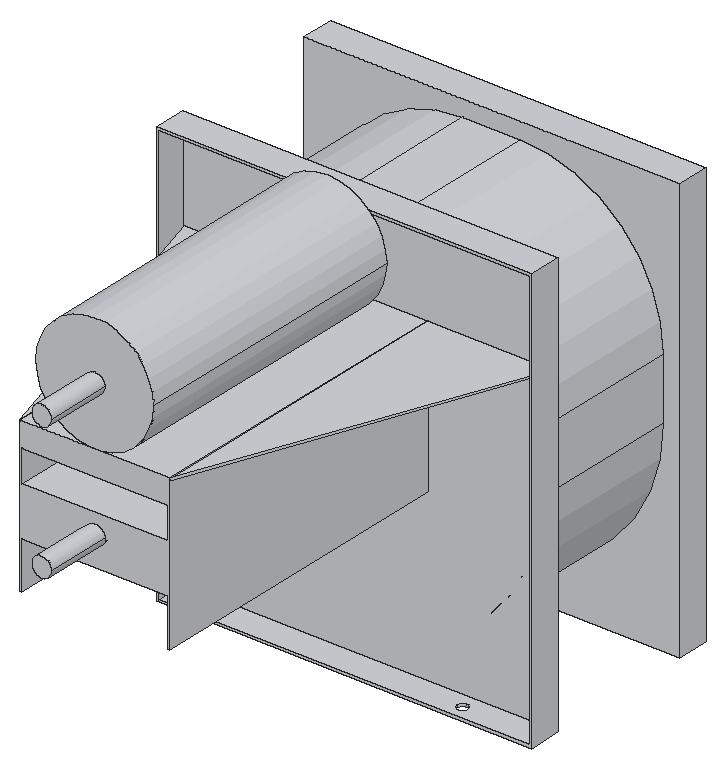
Revit family "CA-4_SWSI_ARR_2_CW_BHD", category Mechanical Equipment, Revit 2019
Family settings
  Round Connector Dimension = Use Radius
  Part Type = Normal
  Work Plane-Based = No
  Always vertical = Yes
  Cut with Voids When Loaded = No
  Shared = No
  Room Calculation Point = No
Parameters (values of type "120_CA-4_SWSI_ARR_2_CW_BHD_CLASS_3")
  S = 7 1/2"
  R = 11 7/16"
  P = 5 23/32"
  O/2 = O / 2  # 11/32"
  O = 11/16"
  N/2 = N / 2  # 19/32"
  N = 1 3/16"
  ModelID [instance] = ""
  MOTOR_RAD = N * 3  # 3 9/16"
  M = 18 7/8"
  L = 3"
  K = 15 7/8"
  J = 2"
  INLET_RAD/2 = INLET_RAD / 2  # 4 1/16"
  INLET_RAD+1.5" = INLET_RAD + 1 1/2"  # 9 5/8"
  INLET_RAD = INLET_DIA / 2  # 8 1/8"
  INLET_DIA = 16 1/4"
  H = 10 3/8"
  G-H = G - H  # 12 3/8"
  G/5 = G / 5  # 4.55"
  G = 22 3/4"
  F = 25 3/4"
  Unit Weight [instance] = ""
  Sones [instance] = ""
  Motor RPM [instance] = ""
  Motor Enclosure [instance] = ""
  LwA [instance] = ""
  Fan RPM [instance] = ""
  E = 10 3/4"
  E-(INLET_RAD+1.5") = F - E - (INLET_RAD + 1 1/2")  # 5 3/8"
  E+(INLET_RAD+1.5") = F - E + (INLET_RAD + 1 1/2")  # 24 5/8"
  F-E = F - E  # 15"
  D-((D-B)/2) = D - ((D - B) / 2)  # 11 3/16"
  D = 13 3/16"
  B = 9 3/16"
  Accessories [instance] = ""
  ARR_2_L-ARR_2_K = ARR_2_L - ARR_2_K  # 17 5/8"
  ARR_2_L = 21 5/8"
  ARR_2_K = 4"
  A = 13 1/8"
  3" = 3"  # constant formula
  Brake Hp [instance] = ""
  4" = 4"  # constant formula
  2N = N + N  # 2 3/8"
  2' = 24"
  2" = 2"  # constant formula
  1" = 1"  # constant formula
  0 = 0"  # constant formula
  Voltage [instance] = 0 V
  URL = "www.lorencook.com"
  Type Comments = "Airfoil Centrifugal Blower Arrangement 2 Clockwise Bottom Horizontal Discharge"  # constant formula
  Static Pressure [instance] = 0.00 in-wg
  Power [instance] = Voltage * Motor FLA * sqrt(if(Phase = 3, 3, 1))  # 0 VA
  Phase [instance] = 0
  Number of Poles [instance] = 1
  Motor Hp [instance] = "0"
  Motor FLA [instance] = 0 A
  Model = "CA-4 SWSI ARR 2 CW BHD CLASS 3"
  Manufacturer = "Loren Cook Company"
  CFM [instance] = 0 CFM
  1.5 = 1 1/2"  # constant formula
  ONE EIGTH = 1/8"  # constant formula
  -(ARR_2_L - ARR_2_K) = -(ARR_2_L - ARR_2_K)  # -17 5/8"
  -(((K-B)/2)-.125") = -(((K - B) / 2) - 1/8")  # -3 7/32"
  -(((D - B) / 2) - 1/8") = -(((D - B) / 2) - 1/8")  # -1 7/8"
  (R-B)/2 = (R - B) / 2  # 1 1/8"
  ((K-B)/2)+B = ((K - B) / 2) + B  # 12 17/32"
  (D-B)/2 = (D - B) / 2  # 2"
  -(((K-B)/2)+L) = -(((K - B) / 2) + L)  # -6 11/32"
  ((D-B)/2)-.125" = ((D - B) / 2) - 1/8"  # 1 7/8"
Types (55): name | S | R | P | O/2 | O | N/2 | N | MOTOR_RAD | M | L | K | J | INLET_RAD/2 | INLET_RAD+1.5" | INLET_RAD | INLET_DIA | H | G-H | G/5 | G | F | E | E-(INLET_RAD+1.5") | E+(INLET_RAD+1.5") | F-E | D-((D-B)/2) | D | B | ARR_2_L-ARR_2_K | ARR_2_L | ARR_2_K | A | 2N | Model | -(ARR_2_L - ARR_2_K) | -(((K-B)/2)-.125") | -(((D - B) / 2) - 1/8") | (R-B)/2 | ((K-B)/2)+B | (D-B)/2 | -(((K-B)/2)+L) | ((D-B)/2)-.125"
  (no name) | 7 1/2" | 11 7/16" | 5 23/32" | 11/32" | 11/16" | 19/32" | 1 3/16" | 3 9/16" | 18 7/8" | 3" | 15 7/8" | 2" | 4 1/16" | 9 5/8" | 8 1/8" | 16 1/4" | 10 3/8" | 12 3/8" | 4.55" | 22 3/4" | 25 3/4" | 10 3/4" | 5 3/8" | 24 5/8" | 15" | 11 3/16" | 13 3/16" | 9 3/16" | 17 5/8" | 21 5/8" | 4" | 13 1/8" | 2 3/8" | "CA-4 SWSI ARR 2 CW BHD CLASS 3" | -17 5/8" | -3 7/32" | -1 7/8" | 1 1/8" | 12 17/32" | 2" | -6 11/32" | 1 7/8"
  120_CA-4_SWSI_ARR_2_CW_BHD_CLASS_1 | 7 1/2" | 11 7/16" | 5 23/32" | 11/32" | 11/16" | 1/2" | 1" | 3" | 18 7/8" | 3" | 15 7/8" | 2" | 4 1/16" | 9 5/8" | 8 1/8" | 16 1/4" | 10 3/8" | 12 3/8" | 4.55" | 22 3/4" | 25 3/4" | 10 3/4" | 5 3/8" | 24 5/8" | 15" | 11 3/16" | 13 3/16" | 9 3/16" | 17 5/8" | 21 5/8" | 4" | 13 1/8" | 2" | "CA-4 SWSI ARR 2 CW BHD CLASS 1" | -17 5/8" | -3 7/32" | -1 7/8" | 1 1/8" | 12 17/32" | 2" | -6 11/32" | 1 7/8"
  120_CA-4_SWSI_ARR_2_CW_BHD_CLASS_2 | 7 1/2" | 11 7/16" | 5 23/32" | 11/32" | 11/16" | 1/2" | 1" | 3" | 18 7/8" | 3" | 15 7/8" | 2" | 4 1/16" | 9 5/8" | 8 1/8" | 16 1/4" | 10 3/8" | 12 3/8" | 4.55" | 22 3/4" | 25 3/4" | 10 3/4" | 5 3/8" | 24 5/8" | 15" | 11 3/16" | 13 3/16" | 9 3/16" | 17 5/8" | 21 5/8" | 4" | 13 1/8" | 2" | "CA-4 SWSI ARR 2 CW BHD CLASS 2" | -17 5/8" | -3 7/32" | -1 7/8" | 1 1/8" | 12 17/32" | 2" | -6 11/32" | 1 7/8"
  120_CA-4_SWSI_ARR_2_CW_BHD_CLASS_3 | 7 1/2" | 11 7/16" | 5 23/32" | 11/32" | 11/16" | 19/32" | 1 3/16" | 3 9/16" | 18 7/8" | 3" | 15 7/8" | 2" | 4 1/16" | 9 5/8" | 8 1/8" | 16 1/4" | 10 3/8" | 12 3/8" | 4.55" | 22 3/4" | 25 3/4" | 10 3/4" | 5 3/8" | 24 5/8" | 15" | 11 3/16" | 13 3/16" | 9 3/16" | 17 5/8" | 21 5/8" | 4" | 13 1/8" | 2 3/8" | "CA-4 SWSI ARR 2 CW BHD CLASS 3" | -17 5/8" | -3 7/32" | -1 7/8" | 1 1/8" | 12 17/32" | 2" | -6 11/32" | 1 7/8"
  135_CA-4_SWSI_ARR_2_CW_BHD_CLASS_1 | 8 1/2" | 12 9/16" | 6 9/32" | 11/32" | 11/16" | 1/2" | 1" | 3" | 20" | 3" | 17" | 2" | 4 7/16" | 10 3/8" | 8 7/8" | 17 3/4" | 11 5/8" | 13 7/8" | 5.1" | 25 1/2" | 28 3/4" | 12" | 6 3/8" | 27 1/8" | 16 3/4" | 12 5/16" | 14 5/16" | 10 5/16" | 17 5/8" | 21 5/8" | 4" | 14 3/4" | 2" | "CA-4 SWSI ARR 2 CW BHD CLASS 1" | -17 5/8" | -3 7/32" | -1 7/8" | 1 1/8" | 13 21/32" | 2" | -6 11/32" | 1 7/8"
  135_CA-4_SWSI_ARR_2_CW_BHD_CLASS_2 | 8 1/2" | 12 9/16" | 6 9/32" | 11/32" | 11/16" | 1/2" | 1" | 3" | 20" | 3" | 17" | 2" | 4 7/16" | 10 3/8" | 8 7/8" | 17 3/4" | 11 5/8" | 13 7/8" | 5.1" | 25 1/2" | 28 3/4" | 12" | 6 3/8" | 27 1/8" | 16 3/4" | 12 5/16" | 14 5/16" | 10 5/16" | 17 5/8" | 21 5/8" | 4" | 14 3/4" | 2" | "CA-4 SWSI ARR 2 CW BHD CLASS 2" | -17 5/8" | -3 7/32" | -1 7/8" | 1 1/8" | 13 21/32" | 2" | -6 11/32" | 1 7/8"
  135_CA-4_SWSI_ARR_2_CW_BHD_CLASS_3 | 8 1/2" | 12 9/16" | 6 9/32" | 11/32" | 11/16" | 19/32" | 1 3/16" | 3 9/16" | 20" | 3" | 17" | 2" | 4 7/16" | 10 3/8" | 8 7/8" | 17 3/4" | 11 5/8" | 13 7/8" | 5.1" | 25 1/2" | 28 3/4" | 12" | 6 3/8" | 27 1/8" | 16 3/4" | 12 5/16" | 14 5/16" | 10 5/16" | 17 5/8" | 21 5/8" | 4" | 14 3/4" | 2 3/8" | "CA-4 SWSI ARR 2 CW BHD CLASS 3" | -17 5/8" | -3 7/32" | -1 7/8" | 1 1/8" | 13 21/32" | 2" | -6 11/32" | 1 7/8"
  150_CA-4_SWSI_ARR_2_CW_BHD_CLASS_1 | 9" | 13 11/16" | 6 27/32" | 11/32" | 11/16" | 1/2" | 1" | 3" | 21 1/8" | 3" | 18 1/8" | 2" | 4 13/16" | 11 1/8" | 9 5/8" | 19 1/4" | 12 7/8" | 15 1/4" | 5 5/8" | 28 1/8" | 31 5/8" | 13 1/4" | 7 1/4" | 29 1/2" | 18 3/8" | 13 7/16" | 15 7/16" | 11 7/16" | 17 5/8" | 21 5/8" | 4" | 16 7/16" | 2" | "CA-4 SWSI ARR 2 CW BHD CLASS 1" | -17 5/8" | -3 7/32" | -1 7/8" | 1 1/8" | 14 25/32" | 2" | -6 11/32" | 1 7/8"
  150_CA-4_SWSI_ARR_2_CW_BHD_CLASS_2 | 9" | 13 11/16" | 6 27/32" | 11/32" | 11/16" | 19/32" | 1 3/16" | 3 9/16" | 21 1/8" | 3" | 18 1/8" | 2" | 4 13/16" | 11 1/8" | 9 5/8" | 19 1/4" | 12 7/8" | 15 1/4" | 5 5/8" | 28 1/8" | 31 5/8" | 13 1/4" | 7 1/4" | 29 1/2" | 18 3/8" | 13 7/16" | 15 7/16" | 11 7/16" | 17 5/8" | 21 5/8" | 4" | 16 7/16" | 2 3/8" | "CA-4 SWSI ARR 2 CW BHD CLASS 2" | -17 5/8" | -3 7/32" | -1 7/8" | 1 1/8" | 14 25/32" | 2" | -6 11/32" | 1 7/8"
  150_CA-4_SWSI_ARR_2_CW_BHD_CLASS_3 | 9" | 13 11/16" | 6 27/32" | 11/32" | 11/16" | 23/32" | 1 7/16" | 4 5/16" | 21 1/8" | 3" | 18 1/8" | 2" | 4 13/16" | 11 1/8" | 9 5/8" | 19 1/4" | 12 7/8" | 15 1/4" | 5 5/8" | 28 1/8" | 31 5/8" | 13 1/4" | 7 1/4" | 29 1/2" | 18 3/8" | 13 7/16" | 15 7/16" | 11 7/16" | 17 5/8" | 21 5/8" | 4" | 16 7/16" | 2 7/8" | "CA-4 SWSI ARR 2 CW BHD CLASS 3" | -17 5/8" | -3 7/32" | -1 7/8" | 1 1/8" | 14 25/32" | 2" | -6 11/32" | 1 7/8"
  165_CA-4_SWSI_ARR_2_CW_BHD_CLASS_1 | 10" | 14 7/8" | 7 7/16" | 11/32" | 11/16" | 1/2" | 1" | 3" | 23 15/16" | 4" | 19 5/16" | 2" | 5 5/16" | 12 1/8" | 10 5/8" | 21 1/4" | 14 1/4" | 16 5/8" | 6.175" | 30 7/8" | 34 3/8" | 14 3/8" | 7 7/8" | 32 1/8" | 20" | 14 5/8" | 16 5/8" | 12 5/8" | 17 5/8" | 21 5/8" | 4" | 18 1/16" | 2" | "CA-4 SWSI ARR 2 CW BHD CLASS 1" | -17 5/8" | -3 7/32" | -1 7/8" | 1 1/8" | 15 31/32" | 2" | -7 11/32" | 1 7/8"
  165_CA-4_SWSI_ARR_2_CW_BHD_CLASS_2 | 10" | 14 7/8" | 7 7/16" | 11/32" | 11/16" | 19/32" | 1 3/16" | 3 9/16" | 23 15/16" | 4" | 19 5/16" | 2" | 5 5/16" | 12 1/8" | 10 5/8" | 21 1/4" | 14 1/4" | 16 5/8" | 6.175" | 30 7/8" | 34 3/8" | 14 3/8" | 7 7/8" | 32 1/8" | 20" | 14 5/8" | 16 5/8" | 12 5/8" | 17 5/8" | 21 5/8" | 4" | 18 1/16" | 2 3/8" | "CA-4 SWSI ARR 2 CW BHD CLASS 2" | -17 5/8" | -3 7/32" | -1 7/8" | 1 1/8" | 15 31/32" | 2" | -7 11/32" | 1 7/8"
  165_CA-4_SWSI_ARR_2_CW_BHD_CLASS_3 | 10" | 14 7/8" | 7 7/16" | 11/32" | 11/16" | 23/32" | 1 7/16" | 4 5/16" | 23 15/16" | 4" | 19 5/16" | 2" | 5 5/16" | 12 1/8" | 10 5/8" | 21 1/4" | 14 1/4" | 16 5/8" | 6.175" | 30 7/8" | 34 3/8" | 14 3/8" | 7 7/8" | 32 1/8" | 20" | 14 5/8" | 16 5/8" | 12 5/8" | 17 5/8" | 21 5/8" | 4" | 18 1/16" | 2 7/8" | "CA-4 SWSI ARR 2 CW BHD CLASS 3" | -17 5/8" | -3 7/32" | -1 7/8" | 1 1/8" | 15 31/32" | 2" | -7 11/32" | 1 7/8"
  180_CA-4_SWSI_ARR_2_CW_BHD_CLASS_1 | 11" | 16" | 8" | 11/32" | 11/16" | 19/32" | 1 3/16" | 3 9/16" | 24 15/16" | 4 1/2" | 20 7/16" | 2" | 5 11/16" | 12 7/8" | 11 3/8" | 22 3/4" | 15 1/2" | 18 1/8" | 6.725" | 33 5/8" | 37 1/8" | 15 5/8" | 8 5/8" | 34 3/8" | 21 1/2" | 15 3/4" | 17 3/4" | 13 3/4" | 20 1/8" | 24 3/8" | 4 1/4" | 19 11/16" | 2 3/8" | "CA-4 SWSI ARR 2 CW BHD CLASS 1" | -20 1/8" | -3 7/32" | -1 7/8" | 1 1/8" | 17 3/32" | 2" | -7 27/32" | 1 7/8"
  180_CA-4_SWSI_ARR_2_CW_BHD_CLASS_2 | 11" | 16" | 8" | 11/32" | 11/16" | 23/32" | 1 7/16" | 4 5/16" | 24 15/16" | 4 1/2" | 20 7/16" | 2" | 5 11/16" | 12 7/8" | 11 3/8" | 22 3/4" | 15 1/2" | 18 1/8" | 6.725" | 33 5/8" | 37 1/8" | 15 5/8" | 8 5/8" | 34 3/8" | 21 1/2" | 15 3/4" | 17 3/4" | 13 3/4" | 20 1/8" | 24 3/8" | 4 1/4" | 19 11/16" | 2 7/8" | "CA-4 SWSI ARR 2 CW BHD CLASS 2" | -20 1/8" | -3 7/32" | -1 7/8" | 1 1/8" | 17 3/32" | 2" | -7 27/32" | 1 7/8"
  180_CA-4_SWSI_ARR_2_CW_BHD_CLASS_3 | 11" | 16" | 8" | 11/32" | 11/16" | 27/32" | 1 11/16" | 5 1/16" | 24 15/16" | 4 1/2" | 20 7/16" | 2" | 5 11/16" | 12 7/8" | 11 3/8" | 22 3/4" | 15 1/2" | 18 1/8" | 6.725" | 33 5/8" | 37 1/8" | 15 5/8" | 8 5/8" | 34 3/8" | 21 1/2" | 15 3/4" | 17 3/4" | 13 3/4" | 20 1/8" | 24 3/8" | 4 1/4" | 19 11/16" | 3 3/8" | "CA-4 SWSI ARR 2 CW BHD CLASS 3" | -20 1/8" | -3 7/32" | -1 7/8" | 1 1/8" | 17 3/32" | 2" | -7 27/32" | 1 7/8"
  195_CA-4_SWSI_ARR_2_CW_BHD_CLASS_1 | 11 1/2" | 17 3/16" | 8 19/32" | 11/32" | 11/16" | 23/32" | 1 7/16" | 4 5/16" | 27 3/16" | 4 1/2" | 22 11/16" | 2" | 6 1/16" | 13 5/8" | 12 1/8" | 24 1/4" | 16 3/4" | 19 1/2" | 7 1/4" | 36 1/4" | 40" | 16 3/4" | 9 5/8" | 36 7/8" | 23 1/4" | 16 15/16" | 18 15/16" | 14 15/16" | 20 1/8" | 24 3/8" | 4 1/4" | 21 5/16" | 2 7/8" | "CA-4 SWSI ARR 2 CW BHD CLASS 1" | -20 1/8" | -3 3/4" | -1 7/8" | 1 1/8" | 18 13/16" | 2" | -8 3/8" | 1 7/8"
  195_CA-4_SWSI_ARR_2_CW_BHD_CLASS_2 | 11 1/2" | 17 3/16" | 8 19/32" | 11/32" | 11/16" | 23/32" | 1 7/16" | 4 5/16" | 27 3/16" | 4 1/2" | 22 11/16" | 2" | 6 1/16" | 13 5/8" | 12 1/8" | 24 1/4" | 16 3/4" | 19 1/2" | 7 1/4" | 36 1/4" | 40" | 16 3/4" | 9 5/8" | 36 7/8" | 23 1/4" | 16 15/16" | 18 15/16" | 14 15/16" | 20 1/8" | 24 3/8" | 4 1/4" | 21 5/16" | 2 7/8" | "CA-4 SWSI ARR 2 CW BHD CLASS 2" | -20 1/8" | -3 3/4" | -1 7/8" | 1 1/8" | 18 13/16" | 2" | -8 3/8" | 1 7/8"
  195_CA-4_SWSI_ARR_2_CW_BHD_CLASS_3 | 11 1/2" | 17 3/16" | 8 19/32" | 11/32" | 11/16" | 27/32" | 1 11/16" | 5 1/16" | 27 3/16" | 4 1/2" | 22 11/16" | 2" | 6 1/16" | 13 5/8" | 12 1/8" | 24 1/4" | 16 3/4" | 19 1/2" | 7 1/4" | 36 1/4" | 40" | 16 3/4" | 9 5/8" | 36 7/8" | 23 1/4" | 16 15/16" | 18 15/16" | 14 15/16" | 20 1/8" | 24 3/8" | 4 1/4" | 21 5/16" | 3 3/8" | "CA-4 SWSI ARR 2 CW BHD CLASS 3" | -20 1/8" | -3 3/4" | -1 7/8" | 1 1/8" | 18 13/16" | 2" | -8 3/8" | 1 7/8"
  210_CA-4_SWSI_ARR_2_CW_BHD_CLASS_1 | 12" | 18 5/16" | 9 5/32" | 13/32" | 13/16" | 23/32" | 1 7/16" | 4 5/16" | 28 13/16" | 5" | 23 13/16" | 2" | 6 1/2" | 14 1/2" | 13" | 26" | 18 1/8" | 21" | 7.825" | 39 1/8" | 42 7/8" | 18" | 10 3/8" | 39 3/8" | 24 7/8" | 18 1/16" | 20 1/16" | 16 1/16" | 23 1/8" | 27 3/8" | 4 1/4" | 23" | 2 7/8" | "CA-4 SWSI ARR 2 CW BHD CLASS 1" | -23 1/8" | -3 3/4" | -1 7/8" | 1 1/8" | 19 15/16" | 2" | -8 7/8" | 1 7/8"
  210_CA-4_SWSI_ARR_2_CW_BHD_CLASS_2 | 12" | 18 5/16" | 9 5/32" | 13/32" | 13/16" | 23/32" | 1 7/16" | 4 5/16" | 28 13/16" | 5" | 23 13/16" | 2" | 6 1/2" | 14 1/2" | 13" | 26" | 18 1/8" | 21" | 7.825" | 39 1/8" | 42 7/8" | 18" | 10 3/8" | 39 3/8" | 24 7/8" | 18 1/16" | 20 1/16" | 16 1/16" | 23 1/8" | 27 3/8" | 4 1/4" | 23" | 2 7/8" | "CA-4 SWSI ARR 2 CW BHD CLASS 2" | -23 1/8" | -3 3/4" | -1 7/8" | 1 1/8" | 19 15/16" | 2" | -8 7/8" | 1 7/8"
  210_CA-4_SWSI_ARR_2_CW_BHD_CLASS_3 | 12" | 18 5/16" | 9 5/32" | 13/32" | 13/16" | 27/32" | 1 11/16" | 5 1/16" | 28 13/16" | 5" | 23 13/16" | 2" | 6 1/2" | 14 1/2" | 13" | 26" | 18 1/8" | 21" | 7.825" | 39 1/8" | 42 7/8" | 18" | 10 3/8" | 39 3/8" | 24 7/8" | 18 1/16" | 20 1/16" | 16 1/16" | 23 1/8" | 27 3/8" | 4 1/4" | 23" | 3 3/8" | "CA-4 SWSI ARR 2 CW BHD CLASS 3" | -23 1/8" | -3 3/4" | -1 7/8" | 1 1/8" | 19 15/16" | 2" | -8 7/8" | 1 7/8"
  225_CA-4_SWSI_ARR_2_CW_BHD_CLASS_1 | 12 1/2" | 19 7/16" | 9 23/32" | 13/32" | 13/16" | 23/32" | 1 7/16" | 4 5/16" | 29 15/16" | 5" | 24 15/16" | 2" | 6 7/8" | 15 1/4" | 13 3/4" | 27 1/2" | 19 3/8" | 22 3/8" | 8.35" | 41 3/4" | 45 3/4" | 19 1/4" | 11 1/4" | 41 3/4" | 26 1/2" | 19 3/16" | 21 3/16" | 17 3/16" | 23 1/8" | 27 3/8" | 4 1/4" | 24 5/8" | 2 7/8" | "CA-4 SWSI ARR 2 CW BHD CLASS 1" | -23 1/8" | -3 3/4" | -1 7/8" | 1 1/8" | 21 1/16" | 2" | -8 7/8" | 1 7/8"
  225_CA-4_SWSI_ARR_2_CW_BHD_CLASS_2 | 12 1/2" | 19 7/16" | 9 23/32" | 13/32" | 13/16" | 23/32" | 1 7/16" | 4 5/16" | 29 15/16" | 5" | 24 15/16" | 2" | 6 7/8" | 15 1/4" | 13 3/4" | 27 1/2" | 19 3/8" | 22 3/8" | 8.35" | 41 3/4" | 45 3/4" | 19 1/4" | 11 1/4" | 41 3/4" | 26 1/2" | 19 3/16" | 21 3/16" | 17 3/16" | 23 1/8" | 27 3/8" | 4 1/4" | 24 5/8" | 2 7/8" | "CA-4 SWSI ARR 2 CW BHD CLASS 2" | -23 1/8" | -3 3/4" | -1 7/8" | 1 1/8" | 21 1/16" | 2" | -8 7/8" | 1 7/8"
  225_CA-4_SWSI_ARR_2_CW_BHD_CLASS_3 | 12 1/2" | 19 7/16" | 9 23/32" | 13/32" | 13/16" | 27/32" | 1 11/16" | 5 1/16" | 29 15/16" | 5" | 24 15/16" | 2" | 6 7/8" | 15 1/4" | 13 3/4" | 27 1/2" | 19 3/8" | 22 3/8" | 8.35" | 41 3/4" | 45 3/4" | 19 1/4" | 11 1/4" | 41 3/4" | 26 1/2" | 19 3/16" | 21 3/16" | 17 3/16" | 23 1/8" | 27 3/8" | 4 1/4" | 24 5/8" | 3 3/8" | "CA-4 SWSI ARR 2 CW BHD CLASS 3" | -23 1/8" | -3 3/4" | -1 7/8" | 1 1/8" | 21 1/16" | 2" | -8 7/8" | 1 7/8"
  245_CA-4_SWSI_ARR_2_CW_BHD_CLASS_1 | 13 1/2" | 21" | 10 1/2" | 13/32" | 13/16" | 23/32" | 1 7/16" | 4 5/16" | 32" | 5 1/2" | 26 1/2" | 2" | 7 3/8" | 16 1/4" | 14 3/4" | 29 1/2" | 21 1/8" | 24 1/4" | 9.075" | 45 3/8" | 49 1/2" | 20 7/8" | 12 3/8" | 44 7/8" | 28 5/8" | 20 3/4" | 22 3/4" | 18 3/4" | 22 9/16" | 27 13/16" | 5 1/4" | 26 13/16" | 2 7/8" | "CA-4 SWSI ARR 2 CW BHD CLASS 1" | -22 9/16" | -3 3/4" | -1 7/8" | 1 1/8" | 22 5/8" | 2" | -9 3/8" | 1 7/8"
  245_CA-4_SWSI_ARR_2_CW_BHD_CLASS_2 | 13 1/2" | 21" | 10 1/2" | 13/32" | 13/16" | 27/32" | 1 11/16" | 5 1/16" | 32" | 5 1/2" | 26 1/2" | 2" | 7 3/8" | 16 1/4" | 14 3/4" | 29 1/2" | 21 1/8" | 24 1/4" | 9.075" | 45 3/8" | 49 1/2" | 20 7/8" | 12 3/8" | 44 7/8" | 28 5/8" | 20 3/4" | 22 3/4" | 18 3/4" | 22 9/16" | 27 13/16" | 5 1/4" | 26 13/16" | 3 3/8" | "CA-4 SWSI ARR 2 CW BHD CLASS 2" | -22 9/16" | -3 3/4" | -1 7/8" | 1 1/8" | 22 5/8" | 2" | -9 3/8" | 1 7/8"
  245_CA-4_SWSI_ARR_2_CW_BHD_CLASS_3 | 13 1/2" | 21" | 10 1/2" | 13/32" | 13/16" | 31/32" | 1 15/16" | 5 13/16" | 32" | 5 1/2" | 26 1/2" | 2" | 7 3/8" | 16 1/4" | 14 3/4" | 29 1/2" | 21 1/8" | 24 1/4" | 9.075" | 45 3/8" | 49 1/2" | 20 7/8" | 12 3/8" | 44 7/8" | 28 5/8" | 20 3/4" | 22 3/4" | 18 3/4" | 22 9/16" | 27 13/16" | 5 1/4" | 26 13/16" | 3 7/8" | "CA-4 SWSI ARR 2 CW BHD CLASS 3" | -22 9/16" | -3 3/4" | -1 7/8" | 1 1/8" | 22 5/8" | 2" | -9 3/8" | 1 7/8"
  270_CA-4_SWSI_ARR_2_CW_BHD_CLASS_1 | 15" | 22 7/8" | 11 7/16" | 13/32" | 13/16" | 23/32" | 1 7/16" | 4 5/16" | 34 3/8" | 6" | 28 3/8" | 2" | 8" | 17 1/2" | 16" | 32" | 23 1/4" | 26 5/8" | 9.975" | 49 7/8" | 54 3/4" | 23 3/8" | 13 7/8" | 48 7/8" | 31 3/8" | 22 5/8" | 24 5/8" | 20 5/8" | 22 9/16" | 27 13/16" | 5 1/4" | 29 9/16" | 2 7/8" | "CA-4 SWSI ARR 2 CW BHD CLASS 1" | -22 9/16" | -3 3/4" | -1 7/8" | 1 1/8" | 24 1/2" | 2" | -9 7/8" | 1 7/8"
  270_CA-4_SWSI_ARR_2_CW_BHD_CLASS_2 | 15" | 22 7/8" | 11 7/16" | 13/32" | 13/16" | 27/32" | 1 11/16" | 5 1/16" | 34 3/8" | 6" | 28 3/8" | 2" | 8" | 17 1/2" | 16" | 32" | 23 1/4" | 26 5/8" | 9.975" | 49 7/8" | 54 3/4" | 23 3/8" | 13 7/8" | 48 7/8" | 31 3/8" | 22 5/8" | 24 5/8" | 20 5/8" | 22 9/16" | 27 13/16" | 5 1/4" | 29 9/16" | 3 3/8" | "CA-4 SWSI ARR 2 CW BHD CLASS 2" | -22 9/16" | -3 3/4" | -1 7/8" | 1 1/8" | 24 1/2" | 2" | -9 7/8" | 1 7/8"
  270_CA-4_SWSI_ARR_2_CW_BHD_CLASS_3 | 15" | 22 7/8" | 11 7/16" | 13/32" | 13/16" | 31/32" | 1 15/16" | 5 13/16" | 34 3/8" | 6" | 28 3/8" | 2" | 8" | 17 1/2" | 16" | 32" | 23 1/4" | 26 5/8" | 9.975" | 49 7/8" | 54 3/4" | 23 3/8" | 13 7/8" | 48 7/8" | 31 3/8" | 22 5/8" | 24 5/8" | 20 5/8" | 22 9/16" | 27 13/16" | 5 1/4" | 29 9/16" | 3 7/8" | "CA-4 SWSI ARR 2 CW BHD CLASS 3" | -22 9/16" | -3 3/4" | -1 7/8" | 1 1/8" | 24 1/2" | 2" | -9 7/8" | 1 7/8"
  300_CA-4_SWSI_ARR_2_CW_BHD_CLASS_1 | 16 1/2" | 25 3/16" | 12 19/32" | 13/32" | 13/16" | 27/32" | 1 11/16" | 5 1/16" | 37 3/16" | 6 1/2" | 30 11/16" | 2" | 8 3/4" | 19" | 17 1/2" | 35" | 25 7/8" | 29 1/2" | 11.075" | 55 3/8" | 60" | 25 3/8" | 15 5/8" | 53 5/8" | 34 5/8" | 24 15/16" | 26 15/16" | 22 15/16" | 24 7/8" | 30 3/4" | 5 7/8" | 32 13/16" | 3 3/8" | "CA-4 SWSI ARR 2 CW BHD CLASS 1" | -24 7/8" | -3 3/4" | -1 7/8" | 1 1/8" | 26 13/16" | 2" | -10 3/8" | 1 7/8"
  300_CA-4_SWSI_ARR_2_CW_BHD_CLASS_2 | 16 1/2" | 25 3/16" | 12 19/32" | 13/32" | 13/16" | 31/32" | 1 15/16" | 5 13/16" | 37 3/16" | 6 1/2" | 30 11/16" | 2" | 8 3/4" | 19" | 17 1/2" | 35" | 25 7/8" | 29 1/2" | 11.075" | 55 3/8" | 60" | 25 3/8" | 15 5/8" | 53 5/8" | 34 5/8" | 24 15/16" | 26 15/16" | 22 15/16" | 24 7/8" | 30 3/4" | 5 7/8" | 32 13/16" | 3 7/8" | "CA-4 SWSI ARR 2 CW BHD CLASS 2" | -24 7/8" | -3 3/4" | -1 7/8" | 1 1/8" | 26 13/16" | 2" | -10 3/8" | 1 7/8"
  300_CA-4_SWSI_ARR_2_CW_BHD_CLASS_3 | 16 1/2" | 25 3/16" | 12 19/32" | 13/32" | 13/16" | 1 3/32" | 2 3/16" | 6 9/16" | 37 3/16" | 6 1/2" | 30 11/16" | 2" | 8 3/4" | 19" | 17 1/2" | 35" | 25 7/8" | 29 1/2" | 11.075" | 55 3/8" | 60" | 25 3/8" | 15 5/8" | 53 5/8" | 34 5/8" | 24 15/16" | 26 15/16" | 22 15/16" | 24 7/8" | 30 3/4" | 5 7/8" | 32 13/16" | 4 3/8" | "CA-4 SWSI ARR 2 CW BHD CLASS 3" | -24 7/8" | -3 3/4" | -1 7/8" | 1 1/8" | 26 13/16" | 2" | -10 3/8" | 1 7/8"
  330_CA-4_SWSI_ARR_2_CW_BHD_CLASS_1 | 18" | 27 1/2" | 13 3/4" | 13/32" | 13/16" | 27/32" | 1 11/16" | 5 1/16" | 40" | 7" | 33" | 2" | 9 1/2" | 20 1/2" | 19" | 38" | 28 3/8" | 32 3/8" | 12.15" | 60 3/4" | 65 3/4" | 27 7/8" | 17 3/8" | 58 3/8" | 37 7/8" | 27 1/4" | 29 1/4" | 25 1/4" | 24 7/8" | 30 3/4" | 5 7/8" | 36 1/8" | 3 3/8" | "CA-4 SWSI ARR 2 CW BHD CLASS 1" | -24 7/8" | -3 3/4" | -1 7/8" | 1 1/8" | 29 1/8" | 2" | -10 7/8" | 1 7/8"
  330_CA-4_SWSI_ARR_2_CW_BHD_CLASS_2 | 18" | 27 1/2" | 13 3/4" | 13/32" | 13/16" | 1 3/32" | 2 3/16" | 6 9/16" | 40" | 7" | 33" | 2" | 9 1/2" | 20 1/2" | 19" | 38" | 28 3/8" | 32 3/8" | 12.15" | 60 3/4" | 65 3/4" | 27 7/8" | 17 3/8" | 58 3/8" | 37 7/8" | 27 1/4" | 29 1/4" | 25 1/4" | 24 7/8" | 30 3/4" | 5 7/8" | 36 1/8" | 4 3/8" | "CA-4 SWSI ARR 2 CW BHD CLASS 2" | -24 7/8" | -3 3/4" | -1 7/8" | 1 1/8" | 29 1/8" | 2" | -10 7/8" | 1 7/8"
  330_CA-4_SWSI_ARR_2_CW_BHD_CLASS_3 | 18" | 27 1/2" | 13 3/4" | 13/32" | 13/16" | 1 3/32" | 2 3/16" | 6 9/16" | 40" | 7" | 33" | 2" | 9 1/2" | 20 1/2" | 19" | 38" | 28 3/8" | 32 3/8" | 12.15" | 60 3/4" | 65 3/4" | 27 7/8" | 17 3/8" | 58 3/8" | 37 7/8" | 27 1/4" | 29 1/4" | 25 1/4" | 24 7/8" | 30 3/4" | 5 7/8" | 36 1/8" | 4 3/8" | "CA-4 SWSI ARR 2 CW BHD CLASS 3" | -24 7/8" | -3 3/4" | -1 7/8" | 1 1/8" | 29 1/8" | 2" | -10 7/8" | 1 7/8"
  365_CA-4_SWSI_ARR_2_CW_BHD_CLASS_1 | 20" | 30 1/8" | 15 1/16" | 13/32" | 13/16" | 31/32" | 1 15/16" | 5 13/16" | 43 1/8" | 7 1/2" | 35 5/8" | 2" | 10 3/8" | 22 1/4" | 20 3/4" | 41 1/2" | 31 3/8" | 35 5/8" | 13.4" | 67" | 72 3/8" | 30 5/8" | 19 1/2" | 64" | 41 3/4" | 29 7/8" | 31 7/8" | 27 7/8" | 27 1/8" | 33" | 5 7/8" | 39 15/16" | 3 7/8" | "CA-4 SWSI ARR 2 CW BHD CLASS 1" | -27 1/8" | -3 3/4" | -1 7/8" | 1 1/8" | 31 3/4" | 2" | -11 3/8" | 1 7/8"
  365_CA-4_SWSI_ARR_2_CW_BHD_CLASS_2 | 20" | 30 1/8" | 15 1/16" | 13/32" | 13/16" | 1 7/32" | 2 7/16" | 7 5/16" | 43 1/8" | 7 1/2" | 35 5/8" | 2" | 10 3/8" | 22 1/4" | 20 3/4" | 41 1/2" | 31 3/8" | 35 5/8" | 13.4" | 67" | 72 3/8" | 30 5/8" | 19 1/2" | 64" | 41 3/4" | 29 7/8" | 31 7/8" | 27 7/8" | 27 1/8" | 33" | 5 7/8" | 39 15/16" | 4 7/8" | "CA-4 SWSI ARR 2 CW BHD CLASS 2" | -27 1/8" | -3 3/4" | -1 7/8" | 1 1/8" | 31 3/4" | 2" | -11 3/8" | 1 7/8"
  365_CA-4_SWSI_ARR_2_CW_BHD_CLASS_3 | 20" | 30 1/8" | 15 1/16" | 13/32" | 13/16" | 1 7/32" | 2 7/16" | 7 5/16" | 43 1/8" | 7 1/2" | 35 5/8" | 2" | 10 3/8" | 22 1/4" | 20 3/4" | 41 1/2" | 31 3/8" | 35 5/8" | 13.4" | 67" | 72 3/8" | 30 5/8" | 19 1/2" | 64" | 41 3/4" | 29 7/8" | 31 7/8" | 27 7/8" | 27 1/8" | 33" | 5 7/8" | 39 15/16" | 4 7/8" | "CA-4 SWSI ARR 2 CW BHD CLASS 3" | -27 1/8" | -3 3/4" | -1 7/8" | 1 1/8" | 31 3/4" | 2" | -11 3/8" | 1 7/8"
  402_CA-4_SWSI_ARR_2_CW_BHD_CLASS_1 | 22" | 34 1/4" | 17 1/8" | 17/32" | 1 1/16" | 31/32" | 1 15/16" | 5 13/16" | 46 5/8" | 8" | 38 5/8" | 3" | 11 5/16" | 24 1/8" | 22 5/8" | 45 1/4" | 34 5/8" | 39 1/4" | 14.775" | 73 7/8" | 80 3/8" | 33 5/8" | 22 5/8" | 70 7/8" | 46 3/4" | 33 3/4" | 36 3/4" | 30 3/4" | 25 7/16" | 31 5/16" | 5 7/8" | 44 1/16" | 3 7/8" | "CA-4 SWSI ARR 2 CW BHD CLASS 1" | -25 7/16" | -3 13/16" | -2 7/8" | 1 3/4" | 34 11/16" | 3" | -11 15/16" | 2 7/8"
  402_CA-4_SWSI_ARR_2_CW_BHD_CLASS_2 | 22" | 34 1/4" | 17 1/8" | 17/32" | 1 1/16" | 1 7/32" | 2 7/16" | 7 5/16" | 46 5/8" | 8" | 38 5/8" | 3" | 11 5/16" | 24 1/8" | 22 5/8" | 45 1/4" | 34 5/8" | 39 1/4" | 14.775" | 73 7/8" | 80 3/8" | 33 5/8" | 22 5/8" | 70 7/8" | 46 3/4" | 33 3/4" | 36 3/4" | 30 3/4" | 25 7/16" | 31 5/16" | 5 7/8" | 44 1/16" | 4 7/8" | "CA-4 SWSI ARR 2 CW BHD CLASS 2" | -25 7/16" | -3 13/16" | -2 7/8" | 1 3/4" | 34 11/16" | 3" | -11 15/16" | 2 7/8"
  402_CA-4_SWSI_ARR_2_CW_BHD_CLASS_3 | 22" | 34 1/4" | 17 1/8" | 17/32" | 1 1/16" | 1 11/32" | 2 11/16" | 8 1/16" | 46 5/8" | 8" | 38 5/8" | 3" | 11 5/16" | 24 1/8" | 22 5/8" | 45 1/4" | 34 5/8" | 39 1/4" | 14.775" | 73 7/8" | 80 3/8" | 33 5/8" | 22 5/8" | 70 7/8" | 46 3/4" | 33 3/4" | 36 3/4" | 30 3/4" | 25 7/16" | 31 5/16" | 5 7/8" | 44 1/16" | 5 3/8" | "CA-4 SWSI ARR 2 CW BHD CLASS 3" | -25 7/16" | -3 13/16" | -2 7/8" | 1 3/4" | 34 11/16" | 3" | -11 15/16" | 2 7/8"
  445_CA-4_SWSI_ARR_2_CW_BHD_CLASS_1 | 24" | 37 1/2" | 18 3/4" | 17/32" | 1 1/16" | 31/32" | 1 15/16" | 5 13/16" | 50 3/8" | 8 1/2" | 41 7/8" | 3" | 12 3/8" | 26 1/4" | 24 3/4" | 49 1/2" | 38 1/4" | 43 1/4" | 16.3" | 81 1/2" | 88 1/2" | 37 1/8" | 25 1/8" | 77 5/8" | 51 3/8" | 37" | 40" | 34" | 26 11/16" | 33 1/16" | 6 3/8" | 48 11/16" | 3 7/8" | "CA-4 SWSI ARR 2 CW BHD CLASS 1" | -26 11/16" | -3 13/16" | -2 7/8" | 1 3/4" | 37 15/16" | 3" | -12 7/16" | 2 7/8"
  445_CA-4_SWSI_ARR_2_CW_BHD_CLASS_2 | 24" | 37 1/2" | 18 3/4" | 17/32" | 1 1/16" | 1 11/32" | 2 11/16" | 8 1/16" | 50 3/8" | 8 1/2" | 41 7/8" | 3" | 12 3/8" | 26 1/4" | 24 3/4" | 49 1/2" | 38 1/4" | 43 1/4" | 16.3" | 81 1/2" | 88 1/2" | 37 1/8" | 25 1/8" | 77 5/8" | 51 3/8" | 37" | 40" | 34" | 26 11/16" | 33 1/16" | 6 3/8" | 48 11/16" | 5 3/8" | "CA-4 SWSI ARR 2 CW BHD CLASS 2" | -26 11/16" | -3 13/16" | -2 7/8" | 1 3/4" | 37 15/16" | 3" | -12 7/16" | 2 7/8"
  445_CA-4_SWSI_ARR_2_CW_BHD_CLASS_3 | 24" | 37 1/2" | 18 3/4" | 17/32" | 1 1/16" | 1 15/32" | 2 15/16" | 8 13/16" | 50 3/8" | 8 1/2" | 41 7/8" | 3" | 12 3/8" | 26 1/4" | 24 3/4" | 49 1/2" | 38 1/4" | 43 1/4" | 16.3" | 81 1/2" | 88 1/2" | 37 1/8" | 25 1/8" | 77 5/8" | 51 3/8" | 37" | 40" | 34" | 26 11/16" | 33 1/16" | 6 3/8" | 48 11/16" | 5 7/8" | "CA-4 SWSI ARR 2 CW BHD CLASS 3" | -26 11/16" | -3 13/16" | -2 7/8" | 1 3/4" | 37 15/16" | 3" | -12 7/16" | 2 7/8"
  490_CA-4_SWSI_ARR_2_CW_BHD_CLASS_1 | 26 1/2" | 40 15/16" | 20 15/32" | 17/32" | 1 1/16" | 1 3/32" | 2 3/16" | 6 9/16" | 55 5/16" | 9" | 46 5/16" | 3" | 13 3/4" | 29" | 27 1/2" | 55" | 42 1/4" | 47 1/2" | 17.95" | 89 3/4" | 97" | 40 3/4" | 27 1/4" | 85 1/4" | 56 1/4" | 40 7/16" | 43 7/16" | 37 7/16" | 26 11/16" | 33 1/16" | 6 3/8" | 53 5/8" | 4 3/8" | "CA-4 SWSI ARR 2 CW BHD CLASS 1" | -26 11/16" | -4 5/16" | -2 7/8" | 1 3/4" | 41 7/8" | 3" | -13 7/16" | 2 7/8"
  490_CA-4_SWSI_ARR_2_CW_BHD_CLASS_2 | 26 1/2" | 40 15/16" | 20 15/32" | 17/32" | 1 1/16" | 1 11/32" | 2 11/16" | 8 1/16" | 55 5/16" | 9" | 46 5/16" | 3" | 13 3/4" | 29" | 27 1/2" | 55" | 42 1/4" | 47 1/2" | 17.95" | 89 3/4" | 97" | 40 3/4" | 27 1/4" | 85 1/4" | 56 1/4" | 40 7/16" | 43 7/16" | 37 7/16" | 26 11/16" | 33 1/16" | 6 3/8" | 53 5/8" | 5 3/8" | "CA-4 SWSI ARR 2 CW BHD CLASS 2" | -26 11/16" | -4 5/16" | -2 7/8" | 1 3/4" | 41 7/8" | 3" | -13 7/16" | 2 7/8"
  490_CA-4_SWSI_ARR_2_CW_BHD_CLASS_3 | 26 1/2" | 40 15/16" | 20 15/32" | 17/32" | 1 1/16" | 1 15/32" | 2 15/16" | 8 13/16" | 55 5/16" | 9" | 46 5/16" | 3" | 13 3/4" | 29" | 27 1/2" | 55" | 42 1/4" | 47 1/2" | 17.95" | 89 3/4" | 97" | 40 3/4" | 27 1/4" | 85 1/4" | 56 1/4" | 40 7/16" | 43 7/16" | 37 7/16" | 26 11/16" | 33 1/16" | 6 3/8" | 53 5/8" | 5 7/8" | "CA-4 SWSI ARR 2 CW BHD CLASS 3" | -26 11/16" | -4 5/16" | -2 7/8" | 1 3/4" | 41 7/8" | 3" | -13 7/16" | 2 7/8"
  540_CA-4_SWSI_ARR_2_CW_BHD_CLASS_1 | 29" | 44 3/4" | 22 3/8" | 17/32" | 1 1/16" | 1 23/32" | 3 7/16" | 10 5/16" | 61 5/8" | 9 1/2" | 52 1/8" | 3" | 15" | 31 1/2" | 30" | 60" | 46 1/2" | 52 1/4" | 19 3/4" | 98 3/4" | 106 5/8" | 44 7/8" | 30 1/4" | 93 1/4" | 61 3/4" | 44 1/4" | 47 1/4" | 41 1/4" | 26 7/8" | 34 3/8" | 7 1/2" | 59 1/16" | 6 7/8" | "CA-4 SWSI ARR 2 CW BHD CLASS 1" | -26 7/8" | -5 5/16" | -2 7/8" | 1 3/4" | 46 11/16" | 3" | -14 15/16" | 2 7/8"
  540_CA-4_SWSI_ARR_2_CW_BHD_CLASS_2 | 29" | 44 3/4" | 22 3/8" | 17/32" | 1 1/16" | 1 15/32" | 2 15/16" | 8 13/16" | 61 5/8" | 9 1/2" | 52 1/8" | 3" | 15" | 31 1/2" | 30" | 60" | 46 1/2" | 52 1/4" | 19 3/4" | 98 3/4" | 106 5/8" | 44 7/8" | 30 1/4" | 93 1/4" | 61 3/4" | 44 1/4" | 47 1/4" | 41 1/4" | 26 7/8" | 34 3/8" | 7 1/2" | 59 1/16" | 5 7/8" | "CA-4 SWSI ARR 2 CW BHD CLASS 2" | -26 7/8" | -5 5/16" | -2 7/8" | 1 3/4" | 46 11/16" | 3" | -14 15/16" | 2 7/8"
  540_CA-4_SWSI_ARR_2_CW_BHD_CLASS_3 | 29" | 44 3/4" | 22 3/8" | 17/32" | 1 1/16" | 1 23/32" | 3 7/16" | 10 5/16" | 61 5/8" | 9 1/2" | 52 1/8" | 3" | 15" | 31 1/2" | 30" | 60" | 46 1/2" | 52 1/4" | 19 3/4" | 98 3/4" | 106 5/8" | 44 7/8" | 30 1/4" | 93 1/4" | 61 3/4" | 44 1/4" | 47 1/4" | 41 1/4" | 26 7/8" | 34 3/8" | 7 1/2" | 59 1/16" | 6 7/8" | "CA-4 SWSI ARR 2 CW BHD CLASS 3" | -26 7/8" | -5 5/16" | -2 7/8" | 1 3/4" | 46 11/16" | 3" | -14 15/16" | 2 7/8"
  600_CA-4_SWSI_ARR_2_CW_BHD_CLASS_1 | 32" | 49 5/16" | 24 21/32" | 17/32" | 1 1/16" | 1 11/32" | 2 11/16" | 8 1/16" | 66 11/16" | 10" | 56 11/16" | 3" | 16 1/2" | 34 1/2" | 33" | 66" | 51 5/8" | 58" | 21.925" | 109 5/8" | 118" | 49 3/4" | 33 3/4" | 102 3/4" | 68 1/4" | 48 13/16" | 51 13/16" | 45 13/16" | 26 7/8" | 34 3/8" | 7 1/2" | 65 5/8" | 5 3/8" | "CA-4 SWSI ARR 2 CW BHD CLASS 1" | -26 7/8" | -5 5/16" | -2 7/8" | 1 3/4" | 51 1/4" | 3" | -15 7/16" | 2 7/8"
  600_CA-4_SWSI_ARR_2_CW_BHD_CLASS_2 | 32" | 49 5/16" | 24 21/32" | 17/32" | 1 1/16" | 1 23/32" | 3 7/16" | 10 5/16" | 66 11/16" | 10" | 56 11/16" | 3" | 16 1/2" | 34 1/2" | 33" | 66" | 51 5/8" | 58" | 21.925" | 109 5/8" | 118" | 49 3/4" | 33 3/4" | 102 3/4" | 68 1/4" | 48 13/16" | 51 13/16" | 45 13/16" | 26 7/8" | 34 3/8" | 7 1/2" | 65 5/8" | 6 7/8" | "CA-4 SWSI ARR 2 CW BHD CLASS 2" | -26 7/8" | -5 5/16" | -2 7/8" | 1 3/4" | 51 1/4" | 3" | -15 7/16" | 2 7/8"
  600_CA-4_SWSI_ARR_2_CW_BHD_CLASS_3 | 32" | 49 5/16" | 24 21/32" | 17/32" | 1 1/16" | 1 31/32" | 3 15/16" | 11 13/16" | 66 11/16" | 10" | 56 11/16" | 3" | 16 1/2" | 34 1/2" | 33" | 66" | 51 5/8" | 58" | 21.925" | 109 5/8" | 118" | 49 3/4" | 33 3/4" | 102 3/4" | 68 1/4" | 48 13/16" | 51 13/16" | 45 13/16" | 26 7/8" | 34 3/8" | 7 1/2" | 65 5/8" | 7 7/8" | "CA-4 SWSI ARR 2 CW BHD CLASS 3" | -26 7/8" | -5 5/16" | -2 7/8" | 1 3/4" | 51 1/4" | 3" | -15 7/16" | 2 7/8"
Reference planes (in)
  plane 1 "Center (Front/Back)": y = 0
  plane 2: z = 0
  plane 3 "Center (Left/Right)": x = 0.40541
Forms (in)
  Extrusion 1, solid
    sketch origin (0, 0, 0) x (1, 0, 0) y (0, 0, 1)
      loop
        line (-9.96959, 0) -> (12.78041, 0) -> (12.78041, 25.75) -> (-9.96959, 25.75) -> (-9.96959, 0)
    from 0 to 2 <- "(D-B)/2"
  Extrusion 2, solid
    sketch origin (0, 0, 0) x (1, 0, 0) y (0, 0, 1)
      loop
        line (-9.96959, 25.75) -> (-9.96959, 0) -> (12.78041, 0) -> (12.78041, 25.75) -> (-9.96959, 25.75)
    from 13.1875 <- "D" to 11.1875 <- "D-((D-B)/2)"
  Extrusion 3, void
    sketch origin (0, 0, 0) x (1, 0, 0) y (0, 0, 1)
      loop
        line (-9.84459, 25.625) -> (-9.84459, 0.125) -> (12.65541, 0.125) -> (12.65541, 25.625) -> (-9.84459, 25.625)
    from 0 to 1.875 <- "((D-B)/2)-.125""
  Extrusion 4, void
    sketch origin (0, -13.1875, 0) x (-1, 0, 0) y (0, 0, 1)
      loop
        line (9.84459, 25.625) -> (-12.65541, 25.625) -> (-12.65541, 0.125) -> (9.84459, 0.125) -> (9.84459, 25.625)
    from 0 to 1.875 <- "((D-B)/2)-.125""
  Extrusion 5, solid
    sketch origin (0, -2, 0) x (1, 0, 0) y (0, 0, 1)
      loop
        arc (1.40541, 2) -> (8.74165, 5.03877) -> (11.78041, 12.375) r 10.375
        line (11.78041, 12.375) -> (11.78041, 16.125)
        arc (11.78041, 16.125) -> (9.25421, 22.2238) -> (3.15541, 24.75) r 8.625
        line (3.15541, 24.75) -> (-0.34459, 24.75)
        arc (-0.34459, 24.75) -> (-6.3108, 22.27871) -> (-8.78209, 16.3125) r 8.4375
        line (-8.78209, 16.3125) -> (-8.78209, 15.125) -> (-9.96959, 15.125) -> (-9.96959, 2) -> (1.40541, 2)
    from 0 to 9.1875 <- "B"
  Extrusion 6, solid
    sketch origin (0, -13.1875, 0) x (1, 0, 0) y (0, 0, 1)
      loop
        circle (0.40541, 15) r 0.59375
    from -1.875 <- "-(((D - B) / 2) - 1/8")" to 21.625 <- "ARR_2_L"
  Extrusion 7, void
    sketch origin (0, 0, 0) x (1, 0, 0) y (0, 1, 0)
      loop
        circle (-7.09459, -0.875) r 0.34375
      loop
        circle (7.90541, -0.875) r 0.34375
      loop
        circle (7.90541, -12.3125) r 0.34375
      loop
        circle (-7.09459, -12.3125) r 0.34375
    from -0.25 to 0.25
  Revolve 8, void
    sketch origin (0.40541, 0, 0) x (0, 1, 0) y (0, 0, 1)
      loop
        arc (-1.875, 23.125) -> (-3.06488, 20.25238) -> (-5.9375, 19.0625) r 4.0625
        line (-5.9375, 19.0625) -> (-5.9375, 15.59375) -> (-1.875, 15.59375) -> (-1.875, 23.125)
      axis (-5.9375, 15) -> (-1.875, 15)
    angle from 0 to 360
  Extrusion 9, solid
    sketch origin (0, -13.1875, 0) x (1, 0, 0) y (0, 0, 1)
      loop
        line (-4.14459, 19.65625) -> (-4.14459, 10.34375) -> (-4.01959, 10.34375) -> (-4.01959, 13.21875) -> (4.83041, 13.21875) -> (4.83041, 10.34375) -> (4.95541, 10.34375) -> (4.95541, 19.65625) -> (-4.14459, 19.65625)
      loop
        line (-4.01959, 18.15625) -> (-4.01959, 16.1875) -> (4.83041, 16.1875) -> (4.83041, 18.15625) -> (-4.01959, 18.15625)
    from -1.875 <- "-(((D - B) / 2) - 1/8")" to 17.625 <- "ARR_2_L-ARR_2_K"
  Extrusion 10, solid
    sketch origin (0, -30.8125, 0) x (1, 0, 0) y (0, 0, 1)
      loop
        circle (0.40541, 23.21875) r 3.5625
    from 0 to -17.625 <- "-(ARR_2_L - ARR_2_K)"
  Extrusion 11, solid
    sketch origin (0, -30.8125, 0) x (1, 0, 0) y (0, 0, 1)
      loop
        circle (0.40541, 23.21875) r 0.59375
    from 0 to 4 <- "ARR_2_K"
  Extrusion 12, solid
    sketch origin (-4.14459, -13.1875, 19.65625) x (1, 0, 0) y (0, 1, 0)
      loop
        line (9.1, -17.625) -> (16.675, 1.875) -> (9.1, 1.875) -> (9.1, -17.625)
      loop
        line (0, -17.625) -> (0, 1.875) -> (-5.575, 1.875) -> (0, -17.625)
    from 0 to -0.125
Cuts and joins
  Extrusion 3, Extrusion 7, Revolve 8 cuts Extrusion 1
  Extrusion 4, Extrusion 7 cuts Extrusion 2
  Revolve 8 cuts Extrusion 5
Dimensions and locks (in)
  "0": Extrusion 1 sketch curve to level
  "F": Extrusion 1 sketch curve to Extrusion 1 sketch curve
  "G-H": Extrusion 1 sketch curve to plane 3 "Center (Left/Right)"
  "G": Extrusion 1 sketch curve to Extrusion 1 sketch curve
  "0": Extrusion 2 sketch curve to level
  "0": Extrusion 1 to Extrusion 2 sketch curve  (x2)
  "0": Extrusion 2 sketch curve to Extrusion 1
  "ONE EIGTH": Extrusion 2 to Extrusion 3 sketch curve  (x2)
  "ONE EIGTH": Extrusion 3 sketch curve to Extrusion 2
  "ONE EIGTH": Extrusion 3 sketch curve to level
  "ONE EIGTH": Extrusion 4 sketch curve to Extrusion 2  (x2)
  "ONE EIGTH": Extrusion 2 to Extrusion 4 sketch curve
  "ONE EIGTH": Extrusion 4 sketch curve to level
  "A": Extrusion 5 sketch curve to Extrusion 5 sketch curve
  "F-E": Extrusion 6 sketch curve to level
  "0": Extrusion 6 sketch curve to plane 3 "Center (Left/Right)"
  "S": Extrusion 7 sketch curve to plane 3 "Center (Left/Right)"  (x2)
  "S": plane 3 "Center (Left/Right)" to Extrusion 7 sketch curve  (x2)
  "(R-B)/2": cut or joined group of Extrusion 1, Extrusion 3, Extrusion 7, Revolve 8 to Extrusion 7 sketch curve  (x2)
  "(R-B)/2": cut or joined group of Extrusion 2, Extrusion 4, Extrusion 7 to Extrusion 7 sketch curve  (x2)
  "F-E": Revolve 8 sketch curve to level
  "N/2": Revolve 8 sketch curve to Revolve 8 sketch curve
  "INLET_RAD/2": Revolve 8 sketch curve to Revolve 8 sketch curve  (x2)
  "INLET_RAD": Revolve 8 sketch curve to Revolve 8 sketch curve
  "0": Revolve 8 sketch curve to cut or joined group of Extrusion 1, Extrusion 3, Extrusion 7, Revolve 8
  "G/5": Extrusion 9 sketch curve to plane 3 "Center (Left/Right)"
  "G/5": plane 3 "Center (Left/Right)" to Extrusion 9 sketch curve
  "INLET_RAD/2": Extrusion 6 to Extrusion 9 sketch curve
  "INLET_RAD/2": Extrusion 9 sketch curve to Extrusion 6
  "0": Extrusion 10 sketch curve to plane 3 "Center (Left/Right)"
  "0": Extrusion 10 sketch curve to Extrusion 9
  "0": plane 3 "Center (Left/Right)" to Extrusion 11 sketch curve
  "MOTOR_RAD": Extrusion 11 sketch curve to Extrusion 9
  "1.5": Extrusion 9 sketch curve to Extrusion 9 sketch curve
  "N/2": Extrusion 9 sketch curve to Extrusion 6
  "N": Extrusion 6 to Extrusion 9 sketch curve
  "0": Extrusion 9 sketch curve to Extrusion 9 sketch curve
  "ONE EIGTH": Extrusion 9 sketch curve to Extrusion 9 sketch curve  (x4)
  "0": cut or joined group of Extrusion 2, Extrusion 4, Extrusion 7 to Extrusion 12 sketch curve
  "0": Extrusion 9 to Extrusion 12 sketch curve  (x3)
  "ONE EIGTH": Extrusion 12 sketch curve to cut or joined group of Extrusion 2, Extrusion 4, Extrusion 7
  "0": Extrusion 12 sketch curve to Extrusion 9
  "0": Extrusion 12 sketch curve to cut or joined group of Extrusion 2, Extrusion 4, Extrusion 7
  "ONE EIGTH": cut or joined group of Extrusion 2, Extrusion 4, Extrusion 7 to Extrusion 12 sketch curve
  "0": cut or joined group of Extrusion 2, Extrusion 4, Extrusion 7 to Extrusion 5 sketch curve
  "1"": Extrusion 5 sketch curve to cut or joined group of Extrusion 2, Extrusion 4, Extrusion 7
  "J": Extrusion 5 sketch curve to level
  "N": Extrusion 5 sketch curve to cut or joined group of Extrusion 2, Extrusion 4, Extrusion 7
  "N": Extrusion 5 sketch curve to Extrusion 5 sketch curve
  "1"": cut or joined group of Extrusion 2, Extrusion 4, Extrusion 7 to Extrusion 5 sketch curve
  "A": cut or joined group of Extrusion 2, Extrusion 4, Extrusion 7 to Extrusion 5 sketch curve
  "1"": Extrusion 5 sketch curve to plane 3 "Center (Left/Right)"
  "N/2": radius of Extrusion 6 sketch curve
  "O/2": radius of Extrusion 7 sketch curve  (x4)
  "MOTOR_RAD": radius of Extrusion 10 sketch curve
  "N/2": radius of Extrusion 11 sketch curve
Automatic sketch dimensions
  Revolve 8 sketch curve to Revolve 8 sketch curve = 53.38466"
  Revolve 8 sketch curve to plane 1 "Center (Front/Back)" = 17.32447"
Connectors (in)
  hvac at (-9.96959, -6.59375, 8.5625), driven by "CFM", driven by "A", driven by "B"
    settings: on cut or joined group of Extrusion 5, Revolve 8, index 1, duct flow 0 CFM, flow factor 0, pres drop 0.00 in-wg, loss coef 0, conn angle 0.00°, conn width 9 3/16", conn height 13 1/8", conn diameter 24", duct sys type 29, conn prof type 1, flow config 0, flow direction 2, loss method 0, conn ref index -1, conn util no, is conn primary yes, conn desc ""
  hvac at (0.40541, -2, 15), driven by "CFM", driven by "INLET_RAD"
    settings: on cut or joined group of Extrusion 1, Extrusion 3, Extrusion 7, Revolve 8, index 2, duct flow 0 CFM, flow factor 0, pres drop 0.00 in-wg, loss coef 0, conn angle 0.00°, conn width 12", conn height 12", conn diameter 16 1/4", duct sys type 29, conn prof type 0, flow config 0, flow direction 1, loss method 0, conn ref index -1, conn util no, is conn primary no, conn desc ""
